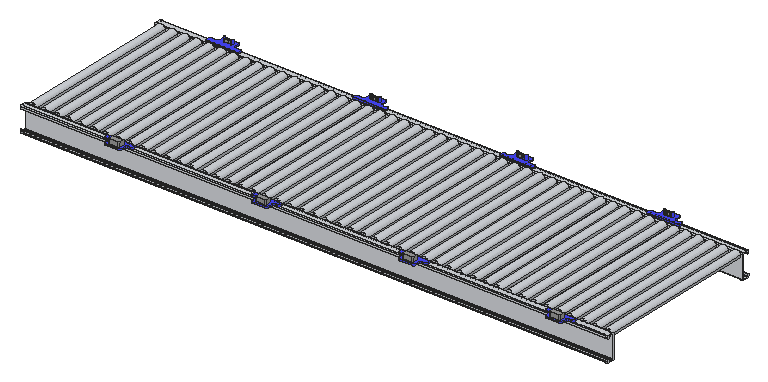
Revit family "C351", category Specialty Equipment, Revit 2025
Family settings
  Round Connector Dimension = Use Diameter
  Part Type = Normal
  Work Plane-Based = No
  Enable Cutting in Views = No
  Always vertical = Yes
  Cut with Voids When Loaded = No
  Maintain Annotation Orientation = No
  Shared = No
  Room Calculation Point = No
Parameters (values of type "C351- 42"")
  Weight [instance] = 0
  Version = ""
  Subsystem [instance] = ""
  Special_Part_Number [instance] = ""
  Special_Description [instance] = ""
  Special_Bed [instance] = no
  Segment [instance] = ""
  SIO_Block_Number [instance] = ""
  SENSOR_ARRY_NUM [instance] = round(CLR_BED_LENGTH / CLR_ZONES)  # 4
  SENSOR_ARRY [instance] = CLR_ZONES + CLR_SENSOR_SKEW  # 4' - 8"
  PHOTO_EYE_ARRAY [instance] = CLR_ZONES + CLR_PhotoEye_SP  # 4' - 0"
  Material_Number [instance] = ""
  MCP [instance] = ""
  Lookup Table Name BCL [instance] = "BOTTOM_COVER_BCL"
  Lookup Table Name BCAN [instance] = "BOTTOM_COVER_ARRAY_NUM"
  Lookup Table Name [instance] = "PHOTO_EYE"
  Load_Envelope_Height [instance] = 1' - 0"
  Load_Envelope [instance] = no
  IO_Block_Number [instance] = ""
  Field_Cut [instance] = no
  Estop_Zone [instance] = ""
  Error_State [instance] = no
  Default Elevation = 0' - 0"
  Conveyor_Number [instance] = "100"
  Conveyor_Elevation_Out [instance] = Conveyor_Elevation_In  # 2' - 7 51/256"
  Conveyor_Elevation_In [instance] = 2' - 7 51/256"
  CLR_ZONE_CONTROL = "N"
  CLR_ZONES [instance] = 3' - 0"
  CLR_VFD = no
  CLR_TE_POSITION = "N"
  CLR_TAKE_UP_SPRING_QUANTITY = 0
  CLR_TAKE_UP = "N"
  CLR_SUBCLASS = ""
  CLR_SPRING_COVER [instance] = no
  CLR_SPEED_FPM = 0
  CLR_SLAVE_RATIO = "N"
  CLR_SENSOR_SKEW [instance] = size_lookup(Lookup Table Name, "CSS", CLR_PhotoEye_SP, CLR_NOMINAL_WIDTH, CLR_ZONES, CLR_SENSOR_ANGLE)  # 1' - 8"
  CLR_SENSOR_MOUNT [instance] = "Side"
  CLR_SENSOR_HAND [instance] = "Left"
  CLR_SENSOR_ANGLE [instance] = 9.00°
  CLR_ROLLER_NUM [instance] = CLR_BED_LENGTH / CLR_ROLLER_CENTER  # 48
  CLR_ROLLER_CENTER [instance] = 0' - 3"
  CLR_PhotoEye_SP [instance] = if(CLR_ZONES = 3' 0", 1' 0", if(CLR_ZONES = 2' 0", 0' 8", 0' 8"))  # 1' - 0"
  CLR_PULLEY_TYPE = "N"
  CLR_POPOUT_CARRYING_ROLLERS [instance] = no
  CLR_NOMINAL_WIDTH + 1" [instance] = CLR_NOMINAL_WIDTH + 0' 1"  # 3' - 7"
  CLR_NOMINAL_WIDTH  -2.5" [instance] = CLR_NOMINAL_WIDTH - 0' 2 1/2"  # 3' - 3 1/2"
  CLR_NOMINAL_WIDTH [instance] = if(Bed_Width = 1' 6", 1' 6", if(Bed_Width = 2' 0", 2' 0", if(Bed_Width = 2' 6", 2' 6", if(Bed_Width = 3' 0", 3' 0", if(Bed_Width = 3' 6", 3' 6", 1' 6")))))  # 3' - 6"
  CLR_MOTOR_VOLTAGE = "N"
  CLR_MOTOR_TYPE = "N"
  CLR_MOTOR_HP = 0
  CLR_MODULE = ""
  CLR_LIFTER_ROLLER_CENTER [instance] = 0' - 6"
  CLR_FINGER_GUARD [instance] = no
  CLR_DRIVE_TRAIN_TYPE = "N"
  CLR_DRIVE_SIZE = 0
  CLR_CONTROL_VOLTAGE = "N"
  CLR_CONTROL_DEVICE = "N"
  CLR_CONNECTION_KIT = "N"
  CLR_CARRYING_ROLLER [instance] = "Standard\r\nStandard\r\nStandard"
  CLR_BOTTOM_COVERS [instance] = no
  CLR_BED_LENGTH [instance] = if(Bed_Length < 2' 0", 2' 0", if(Bed_Length > 12' 0", 12' 0", Bed_Length))  # 12' - 0"
  CLR_ASSEMBLY_HAND = "N"
  CLR_AIR_BRAKE = 0
  Belting [instance] = if(Bed_Width = 1' 6", 0' 8", if(Bed_Width = 2' 0", 0' 8", if(Bed_Width = 2' 6", 0' 8", if(Bed_Width = 3' 0", 0' 8", if(Bed_Width = 3' 6", 0' 8", 0' 8")))))  # 0' - 8"
  Bed_Width [instance] = 3' - 6"
  Bed_Length [instance] = 12' - 0"
  BOTTOM_COVER_ARRAY_NUM [instance] = size_lookup(Lookup Table Name BCAN, "BCAN", 1, CLR_BED_LENGTH)  # 4
  BOTTOM_COVERS_LOCATION [instance] = BOTTOM_COVERS_LENGTH + BOTTOM_COVERS_LENGTH / 2  # 4' - 6"
  BOTTOM_COVERS_LENGTH [instance] = size_lookup(Lookup Table Name BCL, "BCL", 2' 0", CLR_BED_LENGTH, BOTTOM_COVER_ARRAY_NUM)  # 3' - 0"
  Asset ID [instance] = ""
  Air_Consumption [instance] = 0
Types (5): name | SENSOR_ARRY | Conveyor_Elevation_Out | Conveyor_Elevation_In | CLR_SENSOR_SKEW | CLR_NOMINAL_WIDTH + 1" | CLR_NOMINAL_WIDTH  -2.5" | CLR_NOMINAL_WIDTH | Bed_Width
  C351- 18" | 4' - 4" | 5' - 0" | 5' - 0" | 1' - 4" | 1' - 7" | 1' - 3 1/2" | 1' - 6" | 1' - 6"
  C351- 24" | 4' - 4" | 2' - 7 51/256" | 2' - 7 51/256" | 1' - 4" | 2' - 1" | 1' - 9 1/2" | 2' - 0" | 2' - 0"
  C351- 30" | 4' - 6" | 2' - 7 51/256" | 2' - 7 51/256" | 1' - 6" | 2' - 7" | 2' - 3 1/2" | 2' - 6" | 2' - 6"
  C351- 36" | 4' - 6" | 2' - 7 51/256" | 2' - 7 51/256" | 1' - 6" | 3' - 1" | 2' - 9 1/2" | 3' - 0" | 3' - 0"
  C351- 42" | 4' - 8" | 2' - 7 51/256" | 2' - 7 51/256" | 1' - 8" | 3' - 7" | 3' - 3 1/2" | 3' - 6" | 3' - 6"
Reference planes (in)
  plane 1 "Centerline": y = 0
  plane 2: z = 0
  plane 3 "Entry_End": x = 0
  plane 4 "Top_of_Roller": z = 31.19922
  plane 5 "Top_of_SideFrame": z = 30.90922
  plane 6 "Bot_of_SideFrame": z = 24.90922
  plane 7 "LH_Out": y = 21.5
  plane 8 "RH_Out": y = -21.5
  plane 9 "RH_In": y = -19.75
  plane 10 "LH_In": y = 19.75
  plane 11 "Exit_End": x = 144
  plane 12 "PhotoEye_SP": x = 132
  plane 13 "Sensor_Skew": x = 124
  plane 14: x = 60.81944
  plane 15: y = -38.13976
  plane 16: z = 31.19922
  plane 17: z = 43.19922
  plane 18: y = -19.75
  plane 19: y = 19.75
Forms (in)
  Extrusion 1, solid, detail levels coarse+medium
    sketch origin (0, 0, 0) x (0, 1, 0) y (0, 0, 1)
      loop
        line (21.5, 30.90922) -> (-21.5, 30.90922) -> (-21.5, 24.90922) -> (21.5, 24.90922) -> (21.5, 30.90922)
    from 0 to 144
  Extrusion 2, solid, material "Load Envelope", visible <- "Load_Envelope"
    sketch origin (0, 0, 0) x (0, 1, 0) y (0, 0, 1)
      loop
        line (19.75, 43.19922) -> (-19.75, 43.19922) -> (-19.75, 31.19922) -> (19.75, 31.19922) -> (19.75, 43.19922)
    from 0 to 144
Lines and regions (in)
  model lines, style "Belt"
    curve 1: line (0, 4, 31.19922) -> (144, 4, 31.19922)
    curve 2: line (0, -4, 31.19922) -> (0, 4, 31.19922)
    curve 3: line (144, -4, 31.19922) -> (0, -4, 31.19922)
    curve 4: line (144, 4, 31.19922) -> (144, -4, 31.19922)
  model lines, style "Centerline"
    curve 5: line (0, 0, 31.19922) -> (144, 0, 31.19922)
  model lines, style "Flow Arrow", not visible
    curve 6: line (108.81944, -38.13976, 30) -> (132.81944, -38.13976, 30)
    curve 7: line (132.81944, -38.13976, 30) -> (122.42713, -32.13976, 30)
    curve 8: line (132.81944, -38.13976, 30) -> (122.42713, -44.13976, 30)
Dimensions and locks (in)
  equal spacing: plane 10 "LH_In", plane 1 "Centerline", plane 9 "RH_In"
  "CLR_NOMINAL_WIDTH  -2.5"": plane 10 "LH_In" to plane 9 "RH_In"
  equal spacing: plane 7 "LH_Out", plane 1 "Centerline", plane 8 "RH_Out"
  "CLR_NOMINAL_WIDTH + 1"": plane 7 "LH_Out" to plane 8 "RH_Out"
  "Conveyor_Elevation_In": plane 4 "Top_of_Roller" to level
  locked: plane 4 "Top_of_Roller" to plane 5 "Top_of_SideFrame" at 0.29
  locked: plane 5 "Top_of_SideFrame" to plane 6 "Bot_of_SideFrame" at 6
  locked: nested 1 to plane 6 "Bot_of_SideFrame"
  locked: nested 1 to plane 10 "LH_In"
  locked: plane 6 "Bot_of_SideFrame" to nested 2
  locked: plane 9 "RH_In" to nested 2
  locked: plane 3 "Entry_End" to nested 3 at 1.5
  locked: plane 4 "Top_of_Roller" to nested 3
  equal spacing: group 1, group 2, group 3, group 4, group 5, group 6, group 7, group 8, group 14, group 15, group 16, group 17, group 18, group 19, group 20, group 21, group 22, group 23, group 24, group 25, group 26, group 27, group 28, group 29, group 30, group 31, group 32, group 33, group 34, group 35, group 36, group 37, group 38, group 39, group 40, group 41, group 42, group 43, group 44, group 45, group 46, group 47, group 48, group 49, group 50, group 51, group 52, group 53  (x2)
  equal spacing: group 53, group 52, group 51, group 50, group 49, group 48, group 47, group 46, group 45, group 44, group 43, group 42, group 41, group 40, group 39, group 38, group 37, group 36, group 35, group 34, group 33, group 32, group 31, group 30, group 29, group 28, group 27, group 26, group 25, group 24, group 23, group 22, group 21, group 20, group 19, group 18, group 17, group 16, group 15, group 14, group 8, group 7, group 6, group 5, group 4, group 3, group 2, group 1
  locked: plane 3 "Entry_End" to nested 4 at 4.5
  "CLR_BED_LENGTH": plane 3 "Entry_End" to plane 11 "Exit_End"
  "CLR_PhotoEye_SP": plane 11 "Exit_End" to plane 12 "PhotoEye_SP"
  "CLR_SENSOR_SKEW": plane 11 "Exit_End" to plane 13 "Sensor_Skew"
  equal spacing: group 55, group 54, group 10, group 9  (x3)
  "SENSOR_ARRY": nested 12 to plane 11 "Exit_End"
  locked: plane 5 "Top_of_SideFrame" to nested 11
  locked: plane 8 "RH_Out" to nested 13
  equal spacing: group 57, group 56, group 12, group 11  (x2)
  equal spacing: group 11, group 12, group 56, group 57
  "PHOTO_EYE_ARRAY": nested 14 to plane 11 "Exit_End"
  locked: plane 5 "Top_of_SideFrame" to nested 13
  equal spacing: curve 3, plane 1 "Centerline", curve 1
  "Belting": curve 3 to curve 1
  equal spacing: plane 19, plane 1 "Centerline", plane 18
  "CLR_NOMINAL_WIDTH  -2.5"": plane 19 to plane 18
  "Load_Envelope_Height": plane 17 to plane 16
  locked: plane 8 "RH_Out" to nested 58
  locked: nested 56 to plane 7 "LH_Out"
  locked: plane 3 "Entry_End" to nested 59
  equal spacing: group 58, group 59, group 60, group 61  (x2)
  equal spacing: group 61, group 60, group 59, group 58
  "BOTTOM_COVERS_LOCATION": nested 60 to plane 3 "Entry_End"
  aligned and locked: level to plane 2
  aligned and locked: plane 3 "Entry_End" to nested 1
  aligned and locked: plane 3 "Entry_End" to nested 2
  aligned and locked: plane 1 "Centerline" to nested 3
  aligned and locked: nested 11 to plane 13 "Sensor_Skew"
  aligned and locked: plane 7 "LH_Out" to nested 11
  aligned and locked: plane 12 "PhotoEye_SP" to nested 13
  aligned and locked: plane 3 "Entry_End" to curve 2
  aligned and locked: curve 4 to plane 11 "Exit_End"
  aligned and locked: Extrusion 1 to plane 7 "LH_Out"
  aligned and locked: plane 5 "Top_of_SideFrame" to Extrusion 1
  aligned and locked: Extrusion 1 to plane 6 "Bot_of_SideFrame"
  aligned and locked: plane 11 "Exit_End" to Extrusion 1
  aligned and locked: plane 4 "Top_of_Roller" to plane 16
  aligned and locked: Extrusion 2 sketch curve to plane 17
  aligned and locked: Extrusion 2 sketch curve to plane 10 "LH_In"
  aligned and locked: Extrusion 2 sketch curve to nested 3  (x2)
  aligned and locked: plane 11 "Exit_End" to Extrusion 2
  aligned and locked: plane 4 "Top_of_Roller" to nested 54
  aligned and locked: plane 5 "Top_of_SideFrame" to nested 56
  aligned and locked: plane 5 "Top_of_SideFrame" to nested 58
  aligned and locked: nested 59 to plane 6 "Bot_of_SideFrame"
  aligned and locked: plane 1 "Centerline" to nested 59
  aligned and locked: nested 62 to plane 6 "Bot_of_SideFrame"
Automatic sketch dimensions
  plane 9 "RH_In" to Extrusion 1 sketch curve = 0' - 1 3/4"
  Extrusion 1 sketch curve to plane 10 "LH_In" = 0' - 1 3/4"
  Extrusion 1 sketch curve to plane 6 "Bot_of_SideFrame" = 0' - 0"
  plane 6 "Bot_of_SideFrame" to Extrusion 1 sketch curve = 0' - 6"
  plane 1 "Centerline" to curve 5 = 0' - 0"
Nested families (in)
  nested 1: "SW0024A" at (72, 20.625, 0.90922) x (0, -1, 0) z (0, 0, 1), Bed_Length <- "CLR_BED_LENGTH", type "SW0024A", detail levels fine
    with Conveyor_Elevation_In 2' - 6", Bed_Length 12' - 0"
  nested 2: "SW0023A" at (72, -20.625, 0.90922) x (0, -1, 0) z (0, 0, 1), Bed_Length <- "CLR_BED_LENGTH", type "SW0023A", detail levels fine
    with Conveyor_Elevation_In 2' - 6", Bed_Length 12' - 0"
  nested 3: "SW0289" at (1.5, 0, 1.19922), B <- "CLR_NOMINAL_WIDTH  -2.5"", type "SW0289", detail levels fine
    with Conveyor_Elevation_In 2' - 6", B 3' - 3 1/2"
  nested 4: "SW0289" at (4.5, 0, 1.19922), B <- "CLR_NOMINAL_WIDTH  -2.5"", type "SW0289", detail levels fine
    with Conveyor_Elevation_In 2' - 6", B 3' - 3 1/2"
  nested 5: "SW0289" at (7.5, 0, 1.19922), B <- "CLR_NOMINAL_WIDTH  -2.5"", type "SW0289", detail levels fine
    with Conveyor_Elevation_In 2' - 6", B 3' - 3 1/2"
  nested 6: "SW0289" at (10.5, 0, 1.19922), B <- "CLR_NOMINAL_WIDTH  -2.5"", type "SW0289", detail levels fine
    with Conveyor_Elevation_In 2' - 6", B 3' - 3 1/2"
  nested 7: "SW0289" at (13.5, 0, 1.19922), B <- "CLR_NOMINAL_WIDTH  -2.5"", type "SW0289", detail levels fine
    with Conveyor_Elevation_In 2' - 6", B 3' - 3 1/2"
  nested 8: "SW0289" at (16.5, 0, 1.19922), B <- "CLR_NOMINAL_WIDTH  -2.5"", type "SW0289", detail levels fine
    with Conveyor_Elevation_In 2' - 6", B 3' - 3 1/2"
  nested 9: "SW0289" at (19.5, 0, 1.19922), B <- "CLR_NOMINAL_WIDTH  -2.5"", type "SW0289", detail levels fine
    with Conveyor_Elevation_In 2' - 6", B 3' - 3 1/2"
  nested 10: "SW0289" at (22.5, 0, 1.19922), B <- "CLR_NOMINAL_WIDTH  -2.5"", type "SW0289", detail levels fine
    with Conveyor_Elevation_In 2' - 6", B 3' - 3 1/2"
  nested 11: "SW0014" at (124, 21.5, 1.19828), type "SW0014"
  nested 12: "SW0014" at (88, 21.5, 1.19828), type "SW0014"
  nested 13: "SW0037-01" at (132, -21.5, 1.19828), type "SW0037-01"
    with Conveyor_Elevation_In 2' - 5 91/128"
  nested 14: "SW0037-01" at (96, -21.5, 1.19828), type "SW0037-01"
    with Conveyor_Elevation_In 2' - 5 91/128"
  nested 15: "SW0289" at (25.5, 0, 1.19922), B <- "CLR_NOMINAL_WIDTH  -2.5"", type "SW0289", detail levels fine
    with Conveyor_Elevation_In 2' - 6", B 3' - 3 1/2"
  nested 16: "SW0289" at (28.5, 0, 1.19922), B <- "CLR_NOMINAL_WIDTH  -2.5"", type "SW0289", detail levels fine
    with Conveyor_Elevation_In 2' - 6", B 3' - 3 1/2"
  nested 17: "SW0289" at (31.5, 0, 1.19922), B <- "CLR_NOMINAL_WIDTH  -2.5"", type "SW0289", detail levels fine
    with Conveyor_Elevation_In 2' - 6", B 3' - 3 1/2"
  nested 18: "SW0289" at (34.5, 0, 1.19922), B <- "CLR_NOMINAL_WIDTH  -2.5"", type "SW0289", detail levels fine
    with Conveyor_Elevation_In 2' - 6", B 3' - 3 1/2"
  nested 19: "SW0289" at (37.5, 0, 1.19922), B <- "CLR_NOMINAL_WIDTH  -2.5"", type "SW0289", detail levels fine
    with Conveyor_Elevation_In 2' - 6", B 3' - 3 1/2"
  nested 20: "SW0289" at (40.5, 0, 1.19922), B <- "CLR_NOMINAL_WIDTH  -2.5"", type "SW0289", detail levels fine
    with Conveyor_Elevation_In 2' - 6", B 3' - 3 1/2"
  nested 21: "SW0289" at (43.5, 0, 1.19922), B <- "CLR_NOMINAL_WIDTH  -2.5"", type "SW0289", detail levels fine
    with Conveyor_Elevation_In 2' - 6", B 3' - 3 1/2"
  nested 22: "SW0289" at (46.5, 0, 1.19922), B <- "CLR_NOMINAL_WIDTH  -2.5"", type "SW0289", detail levels fine
    with Conveyor_Elevation_In 2' - 6", B 3' - 3 1/2"
  nested 23: "SW0289" at (49.5, 0, 1.19922), B <- "CLR_NOMINAL_WIDTH  -2.5"", type "SW0289", detail levels fine
    with Conveyor_Elevation_In 2' - 6", B 3' - 3 1/2"
  nested 24: "SW0289" at (52.5, 0, 1.19922), B <- "CLR_NOMINAL_WIDTH  -2.5"", type "SW0289", detail levels fine
    with Conveyor_Elevation_In 2' - 6", B 3' - 3 1/2"
  nested 25: "SW0289" at (55.5, 0, 1.19922), B <- "CLR_NOMINAL_WIDTH  -2.5"", type "SW0289", detail levels fine
    with Conveyor_Elevation_In 2' - 6", B 3' - 3 1/2"
  nested 26: "SW0289" at (58.5, 0, 1.19922), B <- "CLR_NOMINAL_WIDTH  -2.5"", type "SW0289", detail levels fine
    with Conveyor_Elevation_In 2' - 6", B 3' - 3 1/2"
  nested 27: "SW0289" at (61.5, 0, 1.19922), B <- "CLR_NOMINAL_WIDTH  -2.5"", type "SW0289", detail levels fine
    with Conveyor_Elevation_In 2' - 6", B 3' - 3 1/2"
  nested 28: "SW0289" at (64.5, 0, 1.19922), B <- "CLR_NOMINAL_WIDTH  -2.5"", type "SW0289", detail levels fine
    with Conveyor_Elevation_In 2' - 6", B 3' - 3 1/2"
  nested 29: "SW0289" at (67.5, 0, 1.19922), B <- "CLR_NOMINAL_WIDTH  -2.5"", type "SW0289", detail levels fine
    with Conveyor_Elevation_In 2' - 6", B 3' - 3 1/2"
  nested 30: "SW0289" at (70.5, 0, 1.19922), B <- "CLR_NOMINAL_WIDTH  -2.5"", type "SW0289", detail levels fine
    with Conveyor_Elevation_In 2' - 6", B 3' - 3 1/2"
  nested 31: "SW0289" at (73.5, 0, 1.19922), B <- "CLR_NOMINAL_WIDTH  -2.5"", type "SW0289", detail levels fine
    with Conveyor_Elevation_In 2' - 6", B 3' - 3 1/2"
  nested 32: "SW0289" at (76.5, 0, 1.19922), B <- "CLR_NOMINAL_WIDTH  -2.5"", type "SW0289", detail levels fine
    with Conveyor_Elevation_In 2' - 6", B 3' - 3 1/2"
  nested 33: "SW0289" at (79.5, 0, 1.19922), B <- "CLR_NOMINAL_WIDTH  -2.5"", type "SW0289", detail levels fine
    with Conveyor_Elevation_In 2' - 6", B 3' - 3 1/2"
  nested 34: "SW0289" at (82.5, 0, 1.19922), B <- "CLR_NOMINAL_WIDTH  -2.5"", type "SW0289", detail levels fine
    with Conveyor_Elevation_In 2' - 6", B 3' - 3 1/2"
  nested 35: "SW0289" at (85.5, 0, 1.19922), B <- "CLR_NOMINAL_WIDTH  -2.5"", type "SW0289", detail levels fine
    with Conveyor_Elevation_In 2' - 6", B 3' - 3 1/2"
  nested 36: "SW0289" at (88.5, 0, 1.19922), B <- "CLR_NOMINAL_WIDTH  -2.5"", type "SW0289", detail levels fine
    with Conveyor_Elevation_In 2' - 6", B 3' - 3 1/2"
  nested 37: "SW0289" at (91.5, 0, 1.19922), B <- "CLR_NOMINAL_WIDTH  -2.5"", type "SW0289", detail levels fine
    with Conveyor_Elevation_In 2' - 6", B 3' - 3 1/2"
  nested 38: "SW0289" at (94.5, 0, 1.19922), B <- "CLR_NOMINAL_WIDTH  -2.5"", type "SW0289", detail levels fine
    with Conveyor_Elevation_In 2' - 6", B 3' - 3 1/2"
  nested 39: "SW0289" at (97.5, 0, 1.19922), B <- "CLR_NOMINAL_WIDTH  -2.5"", type "SW0289", detail levels fine
    with Conveyor_Elevation_In 2' - 6", B 3' - 3 1/2"
  nested 40: "SW0289" at (100.5, 0, 1.19922), B <- "CLR_NOMINAL_WIDTH  -2.5"", type "SW0289", detail levels fine
    with Conveyor_Elevation_In 2' - 6", B 3' - 3 1/2"
  nested 41: "SW0289" at (103.5, 0, 1.19922), B <- "CLR_NOMINAL_WIDTH  -2.5"", type "SW0289", detail levels fine
    with Conveyor_Elevation_In 2' - 6", B 3' - 3 1/2"
  nested 42: "SW0289" at (106.5, 0, 1.19922), B <- "CLR_NOMINAL_WIDTH  -2.5"", type "SW0289", detail levels fine
    with Conveyor_Elevation_In 2' - 6", B 3' - 3 1/2"
  nested 43: "SW0289" at (109.5, 0, 1.19922), B <- "CLR_NOMINAL_WIDTH  -2.5"", type "SW0289", detail levels fine
    with Conveyor_Elevation_In 2' - 6", B 3' - 3 1/2"
  nested 44: "SW0289" at (112.5, 0, 1.19922), B <- "CLR_NOMINAL_WIDTH  -2.5"", type "SW0289", detail levels fine
    with Conveyor_Elevation_In 2' - 6", B 3' - 3 1/2"
  nested 45: "SW0289" at (115.5, 0, 1.19922), B <- "CLR_NOMINAL_WIDTH  -2.5"", type "SW0289", detail levels fine
    with Conveyor_Elevation_In 2' - 6", B 3' - 3 1/2"
  nested 46: "SW0289" at (118.5, 0, 1.19922), B <- "CLR_NOMINAL_WIDTH  -2.5"", type "SW0289", detail levels fine
    with Conveyor_Elevation_In 2' - 6", B 3' - 3 1/2"
  nested 47: "SW0289" at (121.5, 0, 1.19922), B <- "CLR_NOMINAL_WIDTH  -2.5"", type "SW0289", detail levels fine
    with Conveyor_Elevation_In 2' - 6", B 3' - 3 1/2"
  nested 48: "SW0289" at (124.5, 0, 1.19922), B <- "CLR_NOMINAL_WIDTH  -2.5"", type "SW0289", detail levels fine
    with Conveyor_Elevation_In 2' - 6", B 3' - 3 1/2"
  nested 49: "SW0289" at (127.5, 0, 1.19922), B <- "CLR_NOMINAL_WIDTH  -2.5"", type "SW0289", detail levels fine
    with Conveyor_Elevation_In 2' - 6", B 3' - 3 1/2"
  nested 50: "SW0289" at (130.5, 0, 1.19922), B <- "CLR_NOMINAL_WIDTH  -2.5"", type "SW0289", detail levels fine
    with Conveyor_Elevation_In 2' - 6", B 3' - 3 1/2"
  nested 51: "SW0289" at (133.5, 0, 1.19922), B <- "CLR_NOMINAL_WIDTH  -2.5"", type "SW0289", detail levels fine
    with Conveyor_Elevation_In 2' - 6", B 3' - 3 1/2"
  nested 52: "SW0289" at (136.5, 0, 1.19922), B <- "CLR_NOMINAL_WIDTH  -2.5"", type "SW0289", detail levels fine
    with Conveyor_Elevation_In 2' - 6", B 3' - 3 1/2"
  nested 53: "SW0289" at (139.5, 0, 1.19922), B <- "CLR_NOMINAL_WIDTH  -2.5"", type "SW0289", detail levels fine
    with Conveyor_Elevation_In 2' - 6", B 3' - 3 1/2"
  nested 54: "SW0289" at (142.5, 0, 1.19922), B <- "CLR_NOMINAL_WIDTH  -2.5"", type "SW0289", detail levels fine
    with Conveyor_Elevation_In 2' - 6", B 3' - 3 1/2"
  nested 55: "SW0014" at (52, 21.5, 1.19828), type "SW0014"
  nested 56: "SW0014" at (16, 21.5, 1.19828), type "SW0014"
  nested 57: "SW0037-01" at (60, -21.5, 1.19828), type "SW0037-01"
    with Conveyor_Elevation_In 2' - 5 91/128"
  nested 58: "SW0037-01" at (24, -21.5, 1.19828), type "SW0037-01"
    with Conveyor_Elevation_In 2' - 5 91/128"
  nested 59: "SW0046" at (18, 0, 1.19922), CLR_NOMINAL_WIDTH <- "CLR_NOMINAL_WIDTH  -2.5"", bottom cover length <- "BOTTOM_COVERS_LENGTH", visible <- "CLR_BOTTOM_COVERS", type "SW0046", detail levels fine
    with bottom cover length 36.000", Nominal wedith 39.268", CLR_NOMINAL_WIDTH 3' - 3 1/2"
  nested 60: "SW0046" at (54, 0, 1.19922), CLR_NOMINAL_WIDTH <- "CLR_NOMINAL_WIDTH  -2.5"", bottom cover length <- "BOTTOM_COVERS_LENGTH", visible <- "CLR_BOTTOM_COVERS", type "SW0046", detail levels fine
    with bottom cover length 36.000", Nominal wedith 39.268", CLR_NOMINAL_WIDTH 3' - 3 1/2"
  nested 61: "SW0046" at (90, 0, 1.19922), CLR_NOMINAL_WIDTH <- "CLR_NOMINAL_WIDTH  -2.5"", bottom cover length <- "BOTTOM_COVERS_LENGTH", visible <- "CLR_BOTTOM_COVERS", type "SW0046", detail levels fine
    with bottom cover length 36.000", Nominal wedith 39.268", CLR_NOMINAL_WIDTH 3' - 3 1/2"
  nested 62: "SW0046" at (126, 0, 1.19922), CLR_NOMINAL_WIDTH <- "CLR_NOMINAL_WIDTH  -2.5"", bottom cover length <- "BOTTOM_COVERS_LENGTH", visible <- "CLR_BOTTOM_COVERS", type "SW0046", detail levels fine
    with bottom cover length 36.000", Nominal wedith 39.268", CLR_NOMINAL_WIDTH 3' - 3 1/2"
Connectors (in)
  cabletrayconduit at (144, 0, 27.90922), diameter 6
    settings: on Extrusion 1, index 1, connector width 1' - 0", connector height 1' - 0", connector angle 0.00°, system type 32, placement type 0, profile type 0, connector reference index -1, is primary connector yes, connector utility param no, connector description ""
  cabletrayconduit at (0, 0, 27.90922), diameter 6
    settings: on Extrusion 1, index 2, connector width 1' - 0", connector height 1' - 0", connector angle 0.00°, system type 32, placement type 0, profile type 0, connector reference index -1, is primary connector no, connector utility param no, connector description ""
Definition of nested family "SW0024A"
  Parameters (values of type "SW0024A")
    Description = "SW0001A - 6.00 X 1.75 X \"A\" LG"
    Default Elevation = 0' - 0"
    Conveyor_Elevation_In [instance] = 2' - 6"
    Bed_Length [instance] = 12' - 0"
  Reference planes (in)
    plane 1 "Center (Front/Back)": y = 0
    plane 2: z = 0
    plane 3 "Centerline": x = 0
    plane 4 "Bot_of_SideFrame": z = 24
    plane 5 "Top_of_SideFrame": z = 30
    plane 6 "LH_Out": x = 0.875
    plane 7 "LH_In": x = -0.875
    plane 8 "Entry_End": y = -72
    plane 9 "Exit_End": y = 72
  Forms (in)
    Extrusion 1, solid
      sketch origin (0, 0, 0) x (1, 0, 0) y (0, 0, 1)
        loop
          arc (-0.615, 30) -> (-0.79885, 29.92385) -> (-0.875, 29.74) r 0.26
          line (-0.875, 29.74) -> (-0.875, 29.25) -> (-0.74609, 29.25) -> (-0.74609, 29.75109)
          arc (-0.74609, 29.75109) -> (-0.71095, 29.83595) -> (-0.62609, 29.87109) r 0.12
          line (-0.62609, 29.87109) -> (0.62609, 29.87109)
          arc (0.62609, 29.87109) -> (0.71095, 29.83595) -> (0.74609, 29.75109) r 0.12
          line (0.74609, 29.75109) -> (0.74609, 24.24891)
          arc (0.74609, 24.24891) -> (0.71095, 24.16405) -> (0.62609, 24.12891) r 0.12
          line (0.62609, 24.12891) -> (-0.62609, 24.12891)
          arc (-0.62609, 24.12891) -> (-0.71095, 24.16405) -> (-0.74609, 24.24891) r 0.12
          line (-0.74609, 24.24891) -> (-0.74609, 24.75) -> (-0.875, 24.75) -> (-0.875, 24.26)
          arc (-0.875, 24.26) -> (-0.79885, 24.07615) -> (-0.615, 24) r 0.26
          line (-0.615, 24) -> (0.615, 24)
          arc (0.615, 24) -> (0.79885, 24.07615) -> (0.875, 24.26) r 0.26
          line (0.875, 24.26) -> (0.875, 29.74)
          arc (0.875, 29.74) -> (0.79885, 29.92385) -> (0.615, 30) r 0.26
          line (0.615, 30) -> (-0.615, 30)
      from -72 to 72
  Dimensions and locks (in)
    "Conveyor_Elevation_In": plane 5 "Top_of_SideFrame" to level
    locked: plane 5 "Top_of_SideFrame" to plane 4 "Bot_of_SideFrame" at 6
    equal spacing: plane 6 "LH_Out", plane 3 "Centerline", plane 7 "LH_In"
    plane 6 "LH_Out" to plane 7 "LH_In" = 0' - 1 3/4"
    plane 6 "LH_Out" to plane 3 "Centerline" = 0' - 0 7/8"
    equal spacing: plane 9 "Exit_End", plane 1 "Center (Front/Back)", plane 8 "Entry_End"
    "Bed_Length": plane 9 "Exit_End" to plane 8 "Entry_End"
    aligned and locked: plane 2 to level
    aligned and locked: Extrusion 1 sketch curve to plane 5 "Top_of_SideFrame"
    aligned and locked: plane 7 "LH_In" to Extrusion 1 sketch curve
    aligned and locked: plane 4 "Bot_of_SideFrame" to Extrusion 1 sketch curve
    aligned and locked: plane 6 "LH_Out" to Extrusion 1 sketch curve
    aligned and locked: Extrusion 1 to plane 8 "Entry_End"
    aligned and locked: plane 9 "Exit_End" to Extrusion 1
  Automatic sketch dimensions
    Extrusion 1 sketch curve to plane 7 "LH_In" = 0' - 0"
    Extrusion 1 sketch curve to Extrusion 1 sketch curve = 0' - 0 33/256"  (x2)
    Extrusion 1 sketch curve to Extrusion 1 sketch curve = 0' - 0.12"  (x3)
    Extrusion 1 sketch curve to Extrusion 1 sketch curve = 0' - 0.01109"  (x5)
    Extrusion 1 sketch curve to plane 5 "Top_of_SideFrame" = 0' - 0.26"
    plane 6 "LH_Out" to Extrusion 1 sketch curve = 0' - 0.26"
    plane 4 "Bot_of_SideFrame" to Extrusion 1 sketch curve = 0' - 0 33/256"
    Extrusion 1 sketch curve to Extrusion 1 sketch curve = 0' - 0.49"  (x2)
Definition of nested family "SW0023A"
  Parameters (values of type "SW0023A")
    Description = "SW0001A - 6.00 X 1.75 X \"A\" LG"
    Default Elevation = 0' - 0"
    Conveyor_Elevation_In [instance] = 2' - 6"
    Bed_Length [instance] = 12' - 0"
  Reference planes (in)
    plane 1 "Center (Front/Back)": y = 0
    plane 2: z = 0
    plane 3 "CenterLine": x = 0
    plane 4 "Bot_of_SideFrame": z = 24
    plane 5 "Top_of_SideFrame": z = 30
    plane 6 "RH_OUT": x = 0.875
    plane 7 "RH_IN": x = -0.875
    plane 8 "Entry_End": y = -72
    plane 9 "Exit_End": y = 72
  Forms (in)
    Extrusion 1, solid
      sketch origin (0, 0, 0) x (1, 0, 0) y (0, 0, 1)
        loop
          arc (-0.615, 30) -> (-0.79885, 29.92385) -> (-0.875, 29.74) r 0.26
          line (-0.875, 29.74) -> (-0.875, 24.26)
          arc (-0.875, 24.26) -> (-0.79885, 24.07615) -> (-0.615, 24) r 0.26
          line (-0.615, 24) -> (0.615, 24)
          arc (0.615, 24) -> (0.79885, 24.07615) -> (0.875, 24.26) r 0.26
          line (0.875, 24.26) -> (0.875, 24.75) -> (0.74219, 24.75) -> (0.74219, 24.25281)
          arc (0.74219, 24.25281) -> (0.70704, 24.16796) -> (0.62219, 24.13281) r 0.12
          line (0.62219, 24.13281) -> (-0.62219, 24.13281)
          arc (-0.62219, 24.13281) -> (-0.70704, 24.16796) -> (-0.74219, 24.25281) r 0.12
          line (-0.74219, 24.25281) -> (-0.74219, 29.74719)
          arc (-0.74219, 29.74719) -> (-0.70704, 29.83204) -> (-0.62219, 29.86719) r 0.12
          line (-0.62219, 29.86719) -> (0.62219, 29.86719)
          arc (0.62219, 29.86719) -> (0.70704, 29.83204) -> (0.74219, 29.74719) r 0.12
          line (0.74219, 29.74719) -> (0.74219, 29.25) -> (0.875, 29.25) -> (0.875, 29.74)
          arc (0.875, 29.74) -> (0.79885, 29.92385) -> (0.615, 30) r 0.26
          line (0.615, 30) -> (-0.615, 30)
      from -72 to 72
  Dimensions and locks (in)
    equal spacing: plane 6 "RH_OUT", plane 3 "CenterLine", plane 7 "RH_IN", locked at 0.875 each
    "Conveyor_Elevation_In": plane 5 "Top_of_SideFrame" to level
    locked: plane 5 "Top_of_SideFrame" to plane 4 "Bot_of_SideFrame" at 6
    plane 6 "RH_OUT" to plane 7 "RH_IN" = 0' - 1 3/4"
    equal spacing: plane 9 "Exit_End", plane 1 "Center (Front/Back)", plane 8 "Entry_End"
    "Bed_Length": plane 9 "Exit_End" to plane 8 "Entry_End"
    aligned and locked: plane 2 to level
    aligned and locked: Extrusion 1 to plane 8 "Entry_End"
    aligned and locked: plane 9 "Exit_End" to Extrusion 1
  Automatic sketch dimensions
    Extrusion 1 sketch curve to plane 7 "RH_IN" = 0' - 0"
    Extrusion 1 sketch curve to plane 4 "Bot_of_SideFrame" = 0' - 0"
    Extrusion 1 sketch curve to plane 5 "Top_of_SideFrame" = 0' - 0"
    Extrusion 1 sketch curve to plane 6 "RH_OUT" = 0' - 0"  (x2)
    Extrusion 1 sketch curve to Extrusion 1 sketch curve = 0' - 0.12"  (x3)
    Extrusion 1 sketch curve to Extrusion 1 sketch curve = 0' - 0.00719"  (x9)
    Extrusion 1 sketch curve to plane 6 "RH_OUT" = 0' - 0 17/128"
    Extrusion 1 sketch curve to Extrusion 1 sketch curve = 0' - 0.12719"
    Extrusion 1 sketch curve to Extrusion 1 sketch curve = 0' - 0.49719"
    Extrusion 1 sketch curve to Extrusion 1 sketch curve = 0' - 0.49"
    Extrusion 1 sketch curve to Extrusion 1 sketch curve = 0' - 0"
    plane 7 "RH_IN" to Extrusion 1 sketch curve = 0' - 0 17/128"
Definition of nested family "SW0289"
  Parameters (values of type "SW0289")
    Default Elevation = 0' - 0"
    Conveyor_Elevation_In [instance] = 2' - 6"
    B [instance] = 2' - 3 1/2"
  Reference planes (in)
    plane 1 "Center (Front/Back)": y = 0
    plane 2: z = 0
    plane 3 "Center (Left/Right)": x = 0
    plane 4 "Top_of_Roller": z = 30
    plane 5 "RH_In": y = -13.75
    plane 6 "LH_In": y = 13.75
    plane 7: z = 29.0625
  Forms (in)
    Extrusion 1, solid
      sketch origin (0, 0, 1.0625) x (1, 0, 0) y (0, 0, 1)
        loop
          circle (0, 28) r 0.9375
      from -13.75 to 13.75
  Dimensions and locks (in)
    "Conveyor_Elevation_In": plane 4 "Top_of_Roller" to level
    plane 4 "Top_of_Roller" to Extrusion 1 sketch curve = 0' - 0 15/16"
    equal spacing: plane 6 "LH_In", plane 1 "Center (Front/Back)", plane 5 "RH_In"
    "B": plane 6 "LH_In" to plane 5 "RH_In"
    locked: plane 4 "Top_of_Roller" to plane 7 at 0.9375
    diameter of Extrusion 1 sketch curve = 0' - 1 7/8"
    aligned and locked: level to plane 2
    aligned and locked: Extrusion 1 to plane 5 "RH_In"
    aligned and locked: plane 6 "LH_In" to Extrusion 1
    aligned and locked: plane 7 to Extrusion 1
  Automatic sketch dimensions
    Extrusion 1 sketch curve to plane 3 "Center (Left/Right)" = 0' - 0"
Definition of nested family "SW0014"
  Parameters (values of type "SW0014")
    Default Elevation = 4' - 0"
    Conveyor_Elevation_In = 2' - 5 91/128"
  Reference planes (in)
    plane 1 "Center (Front/Back)": y = 0
    plane 2: z = 0
    plane 3 "Center (Left/Right)": x = 0
    plane 4: y = 1.88
    plane 5: x = 4
    plane 6: x = -4
    plane 7: y = -1.13
    plane 8: x = -1.25
    plane 9: x = 1.25
    plane 10: z = 30.47656
    plane 11 "Top_of_SideFrame": z = 29.71094
  Forms (in)
    Extrusion 1, solid
      sketch origin (0, 0, 0) x (1, 0, 0) y (0, 1, 0)
        loop
          line (-4, -1.13) -> (4, -1.13) -> (4, -0.5)
          arc (4, -0.5) -> (3.85355, -0.14645) -> (3.5, 0) r 0.5
          line (3.5, 0) -> (2.5, 0)
          arc (2.5, 0) -> (2.14645, 0.14645) -> (2, 0.5) r 0.5
          line (2, 0.5) -> (2, 1.38)
          arc (2, 1.38) -> (1.85355, 1.73355) -> (1.5, 1.88) r 0.5
          line (1.5, 1.88) -> (-1.5, 1.88)
          arc (-1.5, 1.88) -> (-1.85355, 1.73355) -> (-2, 1.38) r 0.5
          line (-2, 1.38) -> (-2, 0.5)
          arc (-2, 0.5) -> (-2.14645, 0.14645) -> (-2.5, 0) r 0.5
          line (-2.5, 0) -> (-3.5, 0)
          arc (-3.5, 0) -> (-3.85355, -0.14645) -> (-4, -0.5) r 0.5
          line (-4, -0.5) -> (-4, -1.13)
      from 29.71094 to 30
    Extrusion 2, solid
      sketch origin (0, 0, 30) x (1, 0, 0) y (0, 1, 0)
        loop
          line (-1.25, 0.75) -> (-0.96967, 0.46967)
          arc (-0.96967, 0.46967) -> (-0.88856, 0.41548) -> (-0.79289, 0.39645) r 0.25
          line (-0.79289, 0.39645) -> (0.79289, 0.39645)
          arc (0.79289, 0.39645) -> (0.88856, 0.41548) -> (0.96967, 0.46967) r 0.25
          line (0.96967, 0.46967) -> (1.25, 0.75) -> (1.11261, 0.88739) -> (0.88919, 0.66397)
          arc (0.88919, 0.66397) -> (0.80808, 0.60978) -> (0.71241, 0.59075) r 0.25
          line (0.71241, 0.59075) -> (-0.71241, 0.59075)
          arc (-0.71241, 0.59075) -> (-0.80808, 0.60978) -> (-0.88919, 0.66397) r 0.25
          line (-0.88919, 0.66397) -> (-1.11261, 0.88739) -> (-1.25, 0.75)
      from 0 to 0.94922
    Extrusion 3, solid
      sketch origin (0.89645, 0.39645, 29.47656) x (-1, 0, 0) y (0, 0, -1)
        loop
          line (1.39645, -1.26562) -> (1.39645, -0.73437) -> (0.39645, -0.73437) -> (0.39645, -1.26562) -> (1.39645, -1.26562)
      from 0 to 0.06578
  Dimensions and locks (in)
    equal spacing: plane 6, plane 3 "Center (Left/Right)", plane 5
    equal spacing: Extrusion 1 sketch curve, plane 3 "Center (Left/Right)", Extrusion 1 sketch curve
    equal spacing: Extrusion 3 sketch curve, plane 3 "Center (Left/Right)", Extrusion 3 sketch curve
    equal spacing: Extrusion 3 sketch curve, plane 10, Extrusion 3 sketch curve
    Extrusion 3 sketch curve to Extrusion 3 sketch curve = 0' - 1"
    Extrusion 3 sketch curve to Extrusion 3 sketch curve = 0' - 0 17/32"
    Extrusion 1 sketch curve to Extrusion 1 sketch curve = 0' - 4"
    plane 1 "Center (Front/Back)" to plane 4 = 0' - 1.88"
    plane 6 to plane 5 = 0' - 8"
    plane 1 "Center (Front/Back)" to plane 7 = 0' - 1.13"
    "Conveyor_Elevation_In": plane 11 "Top_of_SideFrame" to level
    locked: Extrusion 1 to plane 11 "Top_of_SideFrame" at 0.28906
    locked: Extrusion 1 to Extrusion 3 at 0.5
    aligned and locked: plane 2 to level
    aligned and locked: Extrusion 1 sketch curve to plane 4
    aligned and locked: plane 5 to Extrusion 1 sketch curve
    aligned and locked: Extrusion 1 sketch curve to plane 7
    aligned and locked: plane 11 "Top_of_SideFrame" to Extrusion 1
  Automatic sketch dimensions
    Extrusion 1 sketch curve to plane 6 = 0' - 0"
    plane 1 "Center (Front/Back)" to Extrusion 1 sketch curve = 0' - 0"  (x2)
    Extrusion 1 sketch curve to Extrusion 1 sketch curve = 0' - 0 1/2"  (x4)
    Extrusion 1 sketch curve to plane 1 "Center (Front/Back)" = 0' - 0 1/2"
    Extrusion 1 sketch curve to plane 4 = 0' - 0 1/2"
    Extrusion 2 sketch curve to Extrusion 1 = 0' - 0 3/4"
    Extrusion 2 sketch curve to Extrusion 2 sketch curve = 0' - 0.13739"
    Extrusion 1 to Extrusion 2 sketch curve = 0' - 0.46967"  (x2)
    Extrusion 2 sketch curve to Extrusion 2 sketch curve = 0' - 0.28033"
    Extrusion 1 to Extrusion 2 sketch curve = 0' - 0.66397"  (x2)
    Extrusion 2 sketch curve to Extrusion 2 sketch curve = 0' - 0.08048"  (x3)
    Extrusion 2 sketch curve to Extrusion 2 sketch curve = 0' - 0.17678"  (x2)
    Extrusion 2 sketch curve to Extrusion 1 = 0' - 1.28759"
    Extrusion 2 sketch curve to Extrusion 2 sketch curve = 0' - 0.0963"
    Extrusion 2 sketch curve to Extrusion 2 sketch curve = 0' - 0.22342"
    Extrusion 1 to Extrusion 2 sketch curve = 0' - 0 3/4"
    Extrusion 2 sketch curve to Extrusion 2 sketch curve = 0' - 0.07322"
    Extrusion 2 sketch curve to Extrusion 2 sketch curve = 0' - 0.0557"
Definition of nested family "SW0037-01"
  Parameters (values of type "SW0037-01")
    Default Elevation = 4' - 0"
    Conveyor_Elevation_In [instance] = 2' - 5 91/128"
  Reference planes (in)
    plane 1 "Center (Front/Back)": y = 0
    plane 2: z = 0
    plane 3 "Center (Left/Right)": x = 0
    plane 4: y = -1.87
    plane 5: x = -3.5
    plane 6: x = 3.5
    plane 7: y = 1.13
    plane 8: y = 0.6875
    plane 9: z = 1.09766
    plane 10 "Top_of_SideFrame": z = 29.71094
  Forms (in)
    Extrusion 1, solid
      sketch origin (0, 0, 0) x (-1, 0, 0) y (0, -1, 0)
        loop
          line (-3.5, -0.5) -> (-3.5, -1.13) -> (3.5, -1.13) -> (3.5, -0.5)
          arc (3.5, -0.5) -> (3.35355, -0.14645) -> (3, 0) r 0.5
          line (3, 0) -> (2.5, 0)
          arc (2.5, 0) -> (2.14645, 0.14645) -> (2, 0.5) r 0.5
          line (2, 0.5) -> (2, 1.37)
          arc (2, 1.37) -> (1.85355, 1.72355) -> (1.5, 1.87) r 0.5
          line (1.5, 1.87) -> (-1.5, 1.87)
          arc (-1.5, 1.87) -> (-1.85355, 1.72355) -> (-2, 1.37) r 0.5
          line (-2, 1.37) -> (-2, 0.5)
          arc (-2, 0.5) -> (-2.14645, 0.14645) -> (-2.5, 0) r 0.5
          line (-2.5, 0) -> (-3, 0)
          arc (-3, 0) -> (-3.35355, -0.14645) -> (-3.5, -0.5) r 0.5
      from 29.71094 to 30
    Extrusion 2, solid
      sketch origin (0, 0, 0) x (1, 0, 0) y (0, 1, 0)
        loop
          line (-1.25, 0) -> (-1.25, -1.125)
          arc (-1.25, -1.125) -> (-1.17678, -1.30178) -> (-1, -1.375) r 0.25
          line (-1, -1.375) -> (1, -1.375)
          arc (1, -1.375) -> (1.17678, -1.30178) -> (1.25, -1.125) r 0.25
          line (1.25, -1.125) -> (1.25, 0) -> (-1.25, 0)
      from 30 to 31.05078
    Extrusion 3, solid
      sketch origin (-1.36459, 0, 0) x (1, 0, 0) y (0, 0, -1)
        loop
          circle (1.36459, -30.55078) r 0.25
      from 0 to 0.08951
  Dimensions and locks (in)
    equal spacing: Extrusion 1 sketch curve, plane 3 "Center (Left/Right)", Extrusion 1 sketch curve
    equal spacing: Extrusion 2 sketch curve, plane 3 "Center (Left/Right)", Extrusion 2 sketch curve
    locked: plane 4 to plane 1 "Center (Front/Back)" at 1.87
    plane 1 "Center (Front/Back)" to Extrusion 1 sketch curve = 0' - 1.13"
    equal spacing: plane 5, plane 3 "Center (Left/Right)", plane 6
    plane 5 to plane 6 = 0' - 7"
    Extrusion 1 sketch curve to Extrusion 1 sketch curve = 0' - 4"
    "Conveyor_Elevation_In": plane 10 "Top_of_SideFrame" to level
    Extrusion 2 to Extrusion 3 sketch curve = 0' - 0 1/2"
    aligned and locked: plane 2 to level
    aligned and locked: Extrusion 1 sketch curve to plane 4
  Automatic sketch dimensions
    Extrusion 1 sketch curve to plane 6 = 0' - 0"
    plane 1 "Center (Front/Back)" to Extrusion 1 sketch curve = 0' - 0"  (x2)
    Extrusion 1 sketch curve to plane 5 = 0' - 0"
    plane 6 to Extrusion 1 sketch curve = 0' - 0 1/2"
    Extrusion 1 sketch curve to Extrusion 1 sketch curve = 0' - 0 1/2"  (x3)
    Extrusion 1 sketch curve to plane 4 = 0' - 0 1/2"
    Extrusion 1 sketch curve to plane 8 = 0' - 0 3/16"
    plane 1 "Center (Front/Back)" to Extrusion 2 sketch curve = 0' - 0"
    Extrusion 2 sketch curve to plane 3 "Center (Left/Right)" = 0' - 1 1/4"
    Extrusion 2 sketch curve to Extrusion 2 sketch curve = 0' - 0 1/4"  (x2)
    plane 1 "Center (Front/Back)" to Extrusion 2 sketch curve = 0' - 1 1/8"
    Extrusion 3 sketch curve to Extrusion 2 = 0' - 1 1/4"
    radius of Extrusion 3 sketch curve = 0' - 0 1/4"
Definition of nested family "SW0046"
  Parameters (values of type "SW0046")
    Default Elevation = 0' - 0"
    bottom cover length [instance] = 36.000"
    Nominal wedith [instance] = CLR_NOMINAL_WIDTH - 0.116" - 0.116"  # 11.768"
    CLR_NOMINAL_WIDTH [instance] = 1' - 0"
  Reference planes (in)
    plane 1 "Center (Front/Back)": y = 0
    plane 2: z = 0
    plane 3 "Center (Left/Right)": x = 0
    plane 4: y = 5.884
    plane 5: y = -5.884
    plane 6: x = 18
    plane 7: x = -18
    plane 8 "Bot_of_SideFrame": z = 23.71
    plane 9: y = 6
    plane 10: y = 5.9229
    plane 11: z = 24.71
    plane 12: z = 23.71
    plane 13: y = 5.884
    plane 14: z = 23.7871
    plane 15: x = 13.8
    plane 16: x = -13.8
    plane 17: y = -6
    plane 18: y = -5.9229
    plane 19: z = 24.71
    plane 20: z = 23.71
    plane 21: y = -5.884
    plane 22: z = 23.7871
  Forms (in)
    Extrusion 1, solid
      sketch origin (0, 0, 23.47) x (1, 0, 0) y (0, 1, 0)
        loop
          line (18, 5.884) -> (-18, 5.884) -> (-18, -5.884) -> (18, -5.884) -> (18, 5.884)
      from 0.317 to 0.24
    Extrusion 2, solid
      sketch origin (0, 0, 0) x (0, 1, 0) y (0, 0, 1)
        loop
          line (5.9229, 24.71) -> (5.9229, 23.7871) -> (5.884, 23.7871) -> (5.884, 23.71) -> (5.92336, 23.71)
          arc (5.92336, 23.71) -> (5.97755, 23.73245) -> (6, 23.78664) r 0.07664
          line (6, 23.78664) -> (6, 24.71) -> (5.9229, 24.71)
      from -13.8 to 13.8
    Extrusion 3, solid
      sketch origin (0, -11.25, 0) x (0, -1, 0) y (0, 0, -1)
        loop
          line (-5.3271, -24.71) -> (-5.25, -24.71) -> (-5.25, -23.78664)
          arc (-5.25, -23.78664) -> (-5.27245, -23.73245) -> (-5.32664, -23.71) r 0.07664
          line (-5.32664, -23.71) -> (-5.366, -23.71) -> (-5.366, -23.7871) -> (-5.3271, -23.7871) -> (-5.3271, -24.71)
      from -13.8 to 13.8
  Dimensions and locks (in)
    equal spacing: plane 7, plane 3 "Center (Left/Right)", plane 6
    equal spacing: plane 4, plane 1 "Center (Front/Back)", plane 5
    "bottom cover length": plane 7 to plane 6
    "Nominal wedith": plane 4 to plane 5
    Extrusion 1 to Extrusion 1 = 0' - 0.077"  (x2)
    locked: plane 8 "Bot_of_SideFrame" to Extrusion 1
    locked: level to plane 8 "Bot_of_SideFrame" at 23.71
    locked: plane 8 "Bot_of_SideFrame" to Extrusion 1 at 0.077
    locked: plane 12 to plane 14 at 0.0771
    locked: plane 13 to plane 10 at 0.0389
    locked: plane 10 to plane 9 at 0.0771
    locked: plane 12 to plane 11 at 1
    locked: plane 15 to plane 6 at 4.2
    locked: plane 7 to plane 16 at 4.2
    locked: plane 22 to plane 20 at 0.0771
    locked: plane 21 to plane 18 at 0.0389
    locked: plane 18 to plane 17 at 0.0771
    locked: plane 19 to plane 20 at 1
    Extrusion 2 to Extrusion 2 = 0' - 0.116"
    aligned and locked: level to plane 2
    aligned and locked: plane 4 to Extrusion 1 sketch curve
    aligned and locked: plane 6 to Extrusion 1 sketch curve
    aligned and locked: plane 5 to Extrusion 1 sketch curve
    aligned and locked: Extrusion 1 sketch curve to plane 7
    aligned and locked: plane 8 "Bot_of_SideFrame" to plane 12
    aligned and locked: plane 4 to plane 13
    aligned and locked: plane 15 to Extrusion 2
    aligned and locked: plane 21 to Extrusion 3 sketch curve
    aligned and locked: plane 5 to plane 21
    aligned and locked: plane 15 to Extrusion 3
    aligned and locked: Extrusion 3 to plane 16
    aligned and locked: Extrusion 2 to plane 16
  Automatic sketch dimensions
    Extrusion 2 sketch curve to plane 4 = 0' - 0"
    Extrusion 2 sketch curve to plane 10 = 0' - 0"
    plane 8 "Bot_of_SideFrame" to Extrusion 2 sketch curve = 0' - 0"
    Extrusion 2 sketch curve to plane 9 = 0' - 0"
    plane 14 to Extrusion 2 sketch curve = 0' - 0"
    plane 11 to Extrusion 2 sketch curve = 0' - 0"
    plane 10 to Extrusion 2 sketch curve = 0' - 0.00046"
    Extrusion 3 sketch curve to plane 18 = 0' - 0"
    plane 8 "Bot_of_SideFrame" to Extrusion 3 sketch curve = 0' - 0"
    Extrusion 3 sketch curve to plane 17 = 0' - 0"
    plane 19 to Extrusion 3 sketch curve = 0' - 0"
    plane 22 to Extrusion 3 sketch curve = 0' - 0"
    plane 18 to Extrusion 3 sketch curve = 0' - 0.00046"
